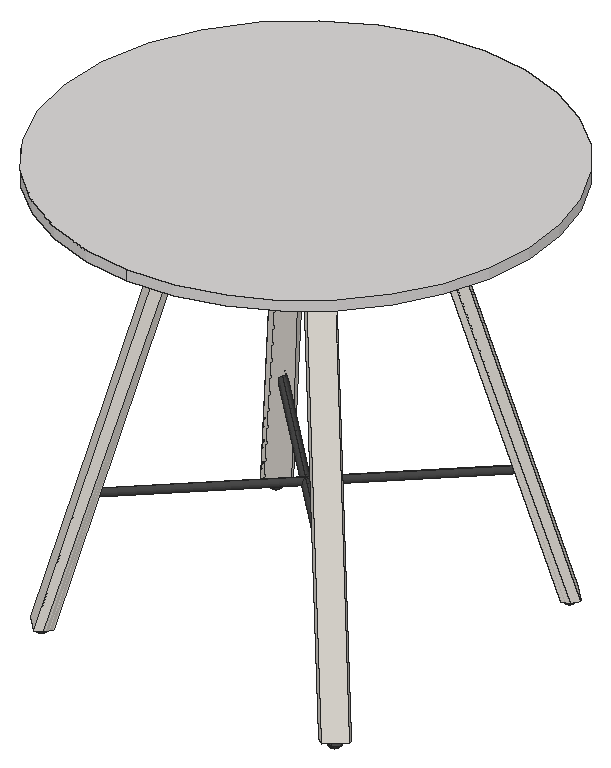
Revit family "Table-Teknion-NFTS_Wood_Table_Square-R2020", category Furniture, Revit 2020
Family settings
  OmniClass Number = 23.40.20.00
  OmniClass Title = General Furniture and Specialties
  Work Plane-Based = No
  Always vertical = Yes
  Cut with Voids When Loaded = No
  Shared = Yes
  Room Calculation Point = No
Parameters (values of type "42" Height")
  Wood Leg Finish = Laminate - Teknion - LW - Storm White
  Warranty = "http://www.teknion.com/ca/papers/legal-canada"
  Unit Weight URL = "http://www.teknion.com/ca/tools/assets#&asset=bee6a381-b954-425e-8283-5a2de3a804f2,f828d448-4b62-4231-9e5f-9a8991c0ed77"
  URL = "www.teknion.com"
  Top Finish = Laminate - Teknion - 2T -Crisp Grey
  To render please download texture images found here [instance] = "https://assets.teknion.com/web/5e81352c1dfdb467/revit-material-swatches/"
  Sustainability Data = "https://www.teknion.com/ca/tools/assets#&topic=216f99a5-57a0-44fc-b10a-9dee9b29ae4c&asset=444deb64-fe58-4b68-981e-f75e97781df7,b4ff2d81-9f2e-437d-9659-7cffb09c31cf"
  Series = "North 56"  # constant formula
  Product Page URL = "https://www.teknion.com/ca/products/product-details?productLineId=0ca9376f-8e7a-673b-a6c8-ff05004460c4"
  Product Line = "North 56"  # constant formula
  Product Documentation Link = ""
  Part Number = "NFTR"  # constant formula
  Model = "NFTR4246"
  Manufacturer Phone = "416-661-3370"  # constant formula
  Manufacturer Fax = "416.661.4586"  # constant formula
  Manufacturer Contact Information = "http://www.teknion.com/ca/contactus"
  Manufacturer Address = "1150 Flint Road, Toronto, ON. M3J 2J5. Canada"  # constant formula
  Manufacturer = "Teknion"  # constant formula
  Leg Support Height = 12.113"
  Leg Support = yes
  Leg Dis = 30.19371"
  How To Use Teknion Materials User Guide [instance] = "https://assets.teknion.com/m/205dd0a49fa58060/original/How-to-add-a-Material-Library-and-Texture-Images-to-your-Revit-project.pdf"
  Height = 42.000"
  For Additional Finishes please visit [instance] = "https://assets.teknion.com/m/44a8009b046e5d47/original/Teknion_Materials_Library.zip"
  Diagonal dis = Leg Dis * (cos(45.00°))  # 21.35018"
  Description = "Wood Table-Round, 42\" Height,46\" Size"
  Default Elevation = 0.000"
  Assembly Code = "E2020200"
Reference planes (in)
  plane 1 "Center Front/Back": y = 0
  plane 2: z = 0
  plane 3 "Center Left/Right": x = 0
  plane 4 "Left": x = -23
  plane 5 "Right": x = 23
  plane 6 "Back": y = 23
  plane 7 "Front": y = -23
  plane 8 "Top": z = 42
  plane 9: x = -15.09685
  plane 10: y = 15.09685
  plane 11: x = 15.09685
  plane 12: y = -15.09685
  plane 13: through (-15.09685, 0, 48) normal (0.7071, 0.7071, 0)
  plane 14: through (15.09685, 0, 48) normal (0.7071, -0.7071, 0)
  plane 15: through (0, 15.09685, 48) normal (0.7071, -0.7071, 0)
  plane 16: through (15.09685, 0, 48) normal (-0.7071, -0.7071, 0)
  plane 17: through (-20, 20, 48) normal (0.7071, 0.7071, 0)
  plane 18: through (20, 20, 48) normal (0.7071, -0.7071, 0)
Forms (in)
  Sweep 1, solid, material "Laminate - Teknion - 2T -Crisp Grey" <- "Top Finish"
    path origin (0, 0, 0) x (1, 0, 0) y (0, 0, 1)
      loop
        line (0, 42) -> (0, 41)
    profile origin (0, 0, 41.5) x (0, -1, 0) y (1, 0, 0)
      loop
        circle (0, 0) r 23
  Sweep 2, solid, material "Paint - Teknion - 52 - Ebony", visible <- "Leg Support"
    path origin (0, 0, 0) x (1, 0, 0) y (0, 1, 0)
      loop
        line (-12.82136, -12.82136) -> (12.82136, 12.82136)
    profile origin (0, 0, 0) x (-0.707107, 0.707107, 0) y (0, 0, 1)
      loop
        circle (0, 12.488) r 0.375
  Sweep 3, solid, material "Paint - Teknion - 52 - Ebony", visible <- "Leg Support"
    path origin (0, 0, 0) x (0, 1, 0) y (-1, 0, 0)
      loop
        line (-12.82136, -12.82136) -> (12.82136, 12.82136)
    profile origin (0, 0, 0) x (-0.707107, -0.707107, 0) y (0, 0, 1)
      loop
        circle (0, 12.488) r 0.375
  SweptBlend 4, solid, material "Laminate - Teknion - LW - Storm White" <- "Wood Leg Finish"
    path origin (-20, 20, 48) x (-0.707107, 0.707107, 0) y (0, 0, 1)
      loop
        line (-28.28427, -7) -> (-28.28427, -11.25)
    profile origin (0, 0, 41) x (0.707107, 0.707107, 0) y (-0.707107, 0.707107, 0)
      loop
        arc (-0.29671, -9.65881) -> (-0.00768, -9.77853) -> (0.28134, -9.65881) r 0.40874
        line (0.28134, -9.65881) -> (9.67487, -0.26527)
        arc (9.67487, -0.26527) -> (9.78794, 0.00768) -> (9.67487, 0.28064) r 0.38602
        line (9.67487, 0.28064) -> (0.30825, 9.64726)
        arc (0.30825, 9.64726) -> (-0.00032, 9.77508) -> (-0.30889, 9.64726) r 0.43638
        line (-0.30889, 9.64726) -> (-9.64011, 0.31604)
        arc (-9.64011, 0.31604) -> (-9.77089, 0.00032) -> (-9.64011, -0.3154) r 0.44649
        line (-9.64011, -0.3154) -> (-0.29671, -9.65881)
    end profile origin (0, 0, 36.75) x (0.707107, 0.707107, 0) y (-0.707107, 0.707107, 0)
      loop
        line (-0.00032, 11.067) -> (-11.067, 0.00032) -> (-0.00032, -11.06636) -> (11.06636, 0.00032) -> (-0.00032, 11.067)
  SweptBlend 5, void
    path origin (-20, 20, 48) x (-0.707107, 0.707107, 0) y (0, 0, 1)
      loop
        line (-28.28427, -7) -> (-28.28427, -11.25)
    profile origin (0, 0, 41) x (0.707107, 0.707107, 0) y (-0.707107, 0.707107, 0)
      loop
        line (-0.00032, 8.51905) -> (-8.51905, 0.00032) -> (-0.00032, -8.51841) -> (8.51841, 0.00032) -> (-0.00032, 8.51905)
    end profile origin (0, 0, 36.75) x (0.707107, 0.707107, 0) y (-0.707107, 0.707107, 0)
      loop
        line (9.78316, 0.00032) -> (0.00641, 9.77706) -> (-9.77033, 0.00032) -> (0.00641, -9.77643) -> (9.78316, 0.00032)
  SweptBlend 6, solid, material "Laminate - Teknion - LW - Storm White" <- "Wood Leg Finish"
    path origin (-20, 20, 48) x (-0.707107, 0.707107, 0) y (0, 0, 1)
      loop
        line (-28.30011, -7) -> (-28.30011, -47.33071)
    profile origin (0.0112, -0.0112, 41) x (0.707107, 0.707107, 0) y (-0.707107, 0.707107, 0)
      loop
        line (-1.13978, -9.79029) -> (1.13978, -9.79029) -> (1.27076, -8.64994) -> (0.738, -8.11718) -> (-0.738, -8.11718) -> (-1.27076, -8.64994) -> (-1.13978, -9.79029)
    end profile origin (0.0112, -0.0112, 0.66929) x (0.707107, 0.707107, 0) y (-0.707107, 0.707107, 0)
      loop
        line (1.29197, -21.28407) -> (1.13611, -20.44751) -> (-1.13611, -20.44751) -> (-1.29197, -21.28407) -> (-1.13611, -22.12062) -> (1.13611, -22.12062) -> (1.29197, -21.28407)
  SweptBlend 7, solid, material "Laminate - Teknion - LW - Storm White" <- "Wood Leg Finish"
    path origin (-20, -20, 48) x (-0.707107, -0.707107, 0) y (0, 0, -1)
      loop
        line (-28.28427, 7) -> (-28.28427, 47.33071)
    profile origin (0, 0, 41) x (0.707107, -0.707107, 0) y (0.707107, 0.707107, 0)
      loop
        line (-1.13978, 9.80612) -> (-1.27076, 8.66577) -> (-0.738, 8.13301) -> (0.738, 8.13301) -> (1.27076, 8.66577) -> (1.13978, 9.80612) -> (-1.13978, 9.80612)
    end profile origin (0, 0, 0.66929) x (0.707107, -0.707107, 0) y (0.707107, 0.707107, 0)
      loop
        line (1.29197, 21.2999) -> (1.13611, 22.13646) -> (-1.13611, 22.13646) -> (-1.29197, 21.2999) -> (-1.13611, 20.46335) -> (1.13611, 20.46335) -> (1.29197, 21.2999)
  SweptBlend 8, solid, material "Laminate - Teknion - LW - Storm White" <- "Wood Leg Finish"
    path origin (20, -20, 48) x (0.707107, -0.707107, 0) y (0, 0, 1)
      loop
        line (-28.28427, -7) -> (-28.28427, -47.33071)
    profile origin (0, 0, 41) x (-0.707107, -0.707107, 0) y (0.707107, -0.707107, 0)
      loop
        line (-1.13978, -9.80612) -> (1.13978, -9.80612) -> (1.27076, -8.66577) -> (0.738, -8.13301) -> (-0.738, -8.13301) -> (-1.27076, -8.66577) -> (-1.13978, -9.80612)
    end profile origin (0, 0, 0.66929) x (-0.707107, -0.707107, 0) y (0.707107, -0.707107, 0)
      loop
        line (1.29197, -21.2999) -> (1.13611, -20.46335) -> (-1.13611, -20.46335) -> (-1.29197, -21.2999) -> (-1.13611, -22.13646) -> (1.13611, -22.13646) -> (1.29197, -21.2999)
  SweptBlend 9, solid, material "Laminate - Teknion - LW - Storm White" <- "Wood Leg Finish"
    path origin (20, 20, 48) x (0.707107, 0.707107, 0) y (0, 0, -1)
      loop
        line (-28.28427, 7) -> (-28.28427, 47.33071)
    profile origin (0, 0, 41) x (-0.707107, 0.707107, 0) y (-0.707107, -0.707107, 0)
      loop
        line (-1.13978, 9.80612) -> (-1.27076, 8.66577) -> (-0.738, 8.13301) -> (0.738, 8.13301) -> (1.27076, 8.66577) -> (1.13978, 9.80612) -> (-1.13978, 9.80612)
    end profile origin (0, 0, 0.66929) x (-0.707107, 0.707107, 0) y (-0.707107, -0.707107, 0)
      loop
        line (1.29197, 21.2999) -> (1.13611, 22.13646) -> (-1.13611, 22.13646) -> (-1.29197, 21.2999) -> (-1.13611, 20.46335) -> (1.13611, 20.46335) -> (1.29197, 21.2999)
  Sweep 10, solid, material "Paint - Teknion - 52 - Ebony"
    path origin (0, 0, 0) x (0, 1, 0) y (0, 0, 1)
      loop
        line (4.03225, 40.85) -> (3.48225, 40.85) -> (3.48225, 39.45225)
        arc (3.48225, 39.45225) -> (3.46877, 39.40412) -> (3.43225, 39.37) r 0.09265
        line (3.43225, 39.37) -> (-3.43225, 39.37)
        arc (-3.43225, 39.37) -> (-3.46877, 39.40412) -> (-3.48225, 39.45225) r 0.09265
        line (-3.48225, 39.45225) -> (-3.48225, 40.85) -> (-4.03225, 40.85)
    profile origin (0, 0, 39.37) x (0, 0, -1) y (1, 0, 0)
      loop
        line (-0.05, -2.5) -> (0, -2.5) -> (0, 2.5) -> (-0.05, 2.5) -> (-0.05, -2.5)
  Sweep 11, solid, material "Paint - Teknion - 52 - Ebony"
    path origin (0, 0, 0) x (0, 1, 0) y (0, 0, 1)
      loop
        line (2.425, 39.575) -> (1.532, 39.575)
        arc (1.532, 39.575) -> (1.45634, 39.60634) -> (1.425, 39.682) r 0.107
        line (1.425, 39.682) -> (1.425, 40.925) -> (-1.425, 40.925) -> (-1.425, 39.682)
        arc (-1.425, 39.682) -> (-1.45634, 39.60634) -> (-1.532, 39.575) r 0.107
        line (-1.532, 39.575) -> (-2.425, 39.575)
    profile origin (0, -1.9785, 39.575) x (0, 0, -1) y (1, 0, 0)
      loop
        line (-0.075, -4.75) -> (0, -4.75) -> (0, -3.75) -> (-0.075, -3.75) -> (-0.075, -4.75)
      loop
        line (-0.075, 3.75) -> (0, 3.75) -> (0, 4.75) -> (-0.075, 4.75) -> (-0.075, 3.75)
  Revolve 12, solid, material "Paint - Teknion - 52 - Ebony"
    sketch origin (-15.09685, 15.09685, 48) x (0, 1, 0) y (0, 0, 1)
      loop
        line (-30.19371, -47.5) -> (-30.19371, -48) -> (-29.77941, -48) -> (-29.68765, -47.85) -> (-29.64273, -47.85) -> (-29.61037, -47.8) -> (-30.07402, -47.5) -> (-30.19371, -47.5)
      axis (-30.19371, -47.5) -> (-30.19371, -48)
    angle from 0 to 360
  Revolve 13, solid, material "Paint - Teknion - 52 - Ebony"
    sketch origin (15.09685, 15.09685, 48) x (0, 1, 0) y (0, 0, 1)
      loop
        line (0, -47.5) -> (0, -48) -> (0.4164, -48) -> (0.50816, -47.85) -> (0.55485, -47.85) -> (0.58544, -47.8) -> (0.12179, -47.5) -> (0, -47.5)
      axis (0, -47.5) -> (0, -48)
    angle from 0 to 360
  Revolve 14, solid, material "Paint - Teknion - 52 - Ebony"
    sketch origin (15.09685, 15.09685, 48) x (0, 1, 0) y (0, 0, 1)
      loop
        line (-30.19371, -47.5) -> (-30.19371, -48) -> (-29.77941, -48) -> (-29.68765, -47.85) -> (-29.64273, -47.85) -> (-29.61037, -47.8) -> (-30.07402, -47.5) -> (-30.19371, -47.5)
      axis (-30.19371, -47.5) -> (-30.19371, -48)
    angle from 0 to 360
  Revolve 15, solid, material "Paint - Teknion - 52 - Ebony"
    sketch origin (-15.09685, 15.09685, 48) x (0, 1, 0) y (0, 0, 1)
      loop
        line (0, -47.5) -> (0, -48) -> (0.4164, -48) -> (0.50816, -47.85) -> (0.55485, -47.85) -> (0.58544, -47.8) -> (0.12179, -47.5) -> (0, -47.5)
      axis (0, -47.5) -> (0, -48)
    angle from 0 to 360
  SweptBlend 16, solid, material "Paint - Teknion - 52 - Ebony"
    path origin (15.09685, 15.09685, 48) x (0, 1, 0) y (0, 0, 1)
      loop
        line (-0.08843, -46.62218) -> (0.11895, -47.58231)
    profile origin (15.09685, 15.00842, 1.37782) x (0, 0.977459, 0.211127) y (1, 0, 0)
      loop
        arc (-0.00028, -0.2752) -> (-0.00602, -0.10119) -> (-0.18011, -0.09942) r 0.12585
        arc (-0.18011, -0.09942) -> (-0.1746, -0.27365) -> (-0.00028, -0.2752) r 0.12584
    end profile origin (15.09685, 15.2158, 0.41769) x (0, 0.977459, 0.211127) y (1, 0, 0)
      loop
        arc (0, -0.06955) -> (-0.00588, 0.10524) -> (-0.18076, 0.10714) r 0.12651
        arc (-0.18076, 0.10714) -> (-0.18274, -0.0757) -> (0, -0.06955) r 0.12651
  SweptBlend 17, solid, material "Paint - Teknion - 52 - Ebony"
    path origin (-15.09685, 15.09685, 48) x (0, 1, 0) y (0, 0, 1)
      loop
        line (-30.18354, -47.61396) -> (-29.92129, -46.66255)
    profile origin (-15.09685, -15.08669, 0.38604) x (0, -0.964045, 0.265739) y (1, 0, 0)
      loop
        circle (0.03638, -0.01884) r 0.12277
    end profile origin (-15.09685, -14.82443, 1.33745) x (0, -0.964045, 0.265739) y (1, 0, 0)
      loop
        arc (0.00599, 0.09951) -> (0.1796, 0.10222) -> (0.17689, 0.27582) r 0.12277
        arc (0.17689, 0.27582) -> (0.00375, 0.27265) -> (0.00599, 0.09951) r 0.12278
  Revolve 18, solid, material "Paint - Teknion - 52 - Ebony"
    sketch origin (15.09685, 15.09685, 48) x (0, 1, 0) y (0, 0, 1)
      loop
        line (-30.33277, -47.56373) -> (-30.21397, -47.58885) -> (-30.00522, -46.61986) -> (-30.12321, -46.59435) -> (-30.33277, -47.56373)
      axis (-30.00521, -46.61977) -> (-30.21406, -47.58931)
    angle from 0 to 360
  Sweep 19, solid, material "Paint - Teknion - 52 - Ebony"
    path origin (-15.09685, 15.09685, 48) x (0, 1, 0) y (0, 0, 1)
      loop
        line (-0.15889, -46.59435) -> (0.05313, -47.60058)
    profile origin (-15.09685, 15.04397, 0.90253) x (0, 0.978515, 0.206174) y (1, 0, 0)
      loop
        spline (-0.15042, 0) -> (-0.14636, -0.03152) -> (-0.13446, -0.0609) -> (-0.11552, -0.08612) -> (-0.09084, -0.10547) -> (-0.06209, -0.11764) -> (-0.03125, -0.12179) -> (-0.0004, -0.11764) -> (0.02834, -0.10547) -> (0.05302, -0.08612) -> (0.07196, -0.0609) -> (0.08387, -0.03152) -> (0.08793, 0)
        spline (0.08793, 0) -> (0.08387, 0.03152) -> (0.07196, 0.0609) -> (0.05302, 0.08612) -> (0.02834, 0.10547) -> (-0.0004, 0.11764) -> (-0.03125, 0.12179) -> (-0.06209, 0.11764) -> (-0.09084, 0.10547) -> (-0.11552, 0.08612) -> (-0.13446, 0.0609) -> (-0.14636, 0.03152) -> (-0.15042, 0)
  Sweep 20, solid, material "Plastic - Teknion - E - Ebony"
    path origin (-20, 20, 48) x (-0.707107, 0.707107, 0) y (0, 0, 1)
      loop
        line (-29.38763, -7) -> (-29.38763, -7.76234)
    profile origin (0.78019, -0.78019, 40.61883) x (0.707107, 0.707107, 0) y (-0.707107, 0.707107, 0)
      loop
        line (22.10875, 2.99312) -> (19.70704, 2.99312)
        arc (19.70704, 2.99312) -> (19.3591, 2.849) -> (19.21498, 2.50106) r 0.49206
        line (19.21498, 2.50106) -> (19.21498, -0.29436)
        arc (19.21498, -0.29436) -> (19.3591, -0.64229) -> (19.70703, -0.78641) r 0.49205
        line (19.70703, -0.78641) -> (22.29546, -0.78641)
        arc (22.29546, -0.78641) -> (22.51137, -0.69697) -> (22.6008, -0.48106) r 0.30535
        line (22.6008, -0.48106) -> (22.6008, 2.50106)
        arc (22.6008, 2.50106) -> (22.45668, 2.849) -> (22.10875, 2.99312) r 0.49205
      loop
        arc (-22.10875, 2.99312) -> (-22.45668, 2.849) -> (-22.6008, 2.50106) r 0.49205
        line (-22.6008, 2.50106) -> (-22.6008, -0.29439)
        arc (-22.6008, -0.29439) -> (-22.45669, -0.6423) -> (-22.10878, -0.78641) r 0.49202
        line (-22.10878, -0.78641) -> (-19.70703, -0.78641)
        arc (-19.70703, -0.78641) -> (-19.3591, -0.64229) -> (-19.21498, -0.29436) r 0.49205
        line (-19.21498, -0.29436) -> (-19.21498, 2.50106)
        arc (-19.21498, 2.50106) -> (-19.3591, 2.849) -> (-19.70704, 2.99312) r 0.49206
        line (-19.70704, 2.99312) -> (-22.10875, 2.99312)
Cuts and joins
  SweptBlend 5 cuts SweptBlend 4
Lines and regions (in)
  Masking region 1
    outline origin (0, 0, 0) x (1, 0, 0) y (0, 1, 0)
      loop
        circle (0, 0) r 23
  symbolic lines, style "FurnitureHiddenLines", detail levels medium+fine
    curve 1: line (-4.75, 2.425, 0) -> (-3.75, 2.425, 0)
    curve 2: line (-4.75, -2.425, 0) -> (-4.75, 2.425, 0)
    curve 3: line (-3.75, -2.425, 0) -> (-4.75, -2.425, 0)
    curve 4: line (-3.75, 2.425, 0) -> (-3.75, -2.425, 0)
    curve 5: line (-3.75, 1.5, 0) -> (-4.75, 1.5, 0)
    curve 6: line (-4.75, 1.425, 0) -> (-3.75, 1.425, 0)
    curve 7: line (-4.75, -1.5, 0) -> (-3.75, -1.5, 0)
    curve 8: line (-3.75, -1.425, 0) -> (-4.75, -1.425, 0)
    curve 9: line (3.75, 2.425, 0) -> (3.75, -2.425, 0)
    curve 10: line (4.75, -2.425, 0) -> (4.75, 2.425, 0)
    curve 11: line (3.75, 2.425, 0) -> (4.75, 2.425, 0)
    curve 12: line (3.75, -2.425, 0) -> (4.75, -2.425, 0)
    curve 13: line (4.75, 1.5, 0) -> (3.75, 1.5, 0)
    curve 14: line (3.75, 1.425, 0) -> (4.75, 1.425, 0)
    curve 15: line (4.75, -1.425, 0) -> (3.75, -1.425, 0)
    curve 16: line (3.75, -1.5, 0) -> (4.75, -1.5, 0)
    curve 17: line (-2.5, 4.03225, 0) -> (2.5, 4.03225, 0)
    curve 18: line (-2.5, 4.03225, 0) -> (-2.5, -4.03225, 0)
    curve 19: line (-2.5, -4.03225, 0) -> (2.5, -4.03225, 0)
    curve 20: line (2.5, 4.03225, 0) -> (2.5, -4.03225, 0)
    curve 21: line (-2.5, 3.43225, 0) -> (2.5, 3.43225, 0)
    curve 22: line (2.5, 3.48225, 0) -> (-2.5, 3.48225, 0)
    curve 23: line (-2.5, 3.41751, 0) -> (2.5, 3.41751, 0)
    curve 24: line (-2.5, -3.41751, 0) -> (2.5, -3.41751, 0)
    curve 25: line (-2.5, -3.48225, 0) -> (2.5, -3.48225, 0)
    curve 26: line (2.5, -3.43225, 0) -> (-2.5, -3.43225, 0)
    curve 27: line (-6.0241, -6.02365, 0) -> (-6.0241, 6.02365, 0)
    curve 28: line (-6.0241, 6.02365, 0) -> (6.0232, 6.02365, 0)
    curve 29: line (6.0232, 6.02365, 0) -> (6.0232, -6.02365, 0)
    curve 30: line (6.0232, -6.02365, 0) -> (-6.0241, -6.02365, 0)
    curve 31: line (-7.82578, 7.82533, 0) -> (7.82488, 7.82533, 0)
    curve 32: line (-7.82578, -7.82533, 0) -> (-7.82578, 7.82533, 0)
    curve 33: line (7.82488, -7.82533, 0) -> (-7.82578, -7.82533, 0)
    curve 34: line (7.82488, 7.82533, 0) -> (7.82488, -7.82533, 0)
    curve 35: line (-6.90889, 6.91796, 0) -> (6.91751, 6.91796, 0)
    curve 36: line (-6.90889, -6.90844, 0) -> (-6.90889, 6.91796, 0)
    curve 37: line (6.91751, -6.90844, 0) -> (-6.90889, -6.90844, 0)
    curve 38: line (6.91751, 6.91796, 0) -> (6.91751, -6.90844, 0)
    curve 39: line (-7.04006, 6.60323, 0) -> (-7.04006, -6.59312, 0)
    curve 40: line (-6.59357, -7.03961, 0) -> (6.62001, -7.03961, 0)
    curve 41: arc (-7.04006, -6.59312, 0) -> (-6.90929, -6.90884, 0) -> (-6.59357, -7.03961, 0) r 0.44649
    curve 42: line (7.02874, -6.63087, 0) -> (7.02874, 6.65359, 0)
    curve 43: arc (6.62001, -7.03961, 0) -> (6.90903, -6.91989, 0) -> (7.02874, -6.63087, 0) r 0.40874
    curve 44: line (6.64272, 7.03961, 0) -> (-6.60368, 7.03961, 0)
    curve 45: arc (7.02874, 6.65359, 0) -> (6.91568, 6.92655, 0) -> (6.64272, 7.03961, 0) r 0.38602
    curve 46: arc (-6.60368, 7.03961, 0) -> (-6.91225, 6.9118, 0) -> (-7.04006, 6.60323, 0) r 0.43638
    curve 183: line (-15.27125, -12.59872, 0) -> (-16.96951, -14.29698, 0)
    curve 184: arc (-16.96951, -14.29698, 0) -> (-17.11363, -14.64492, 0) -> (-16.96951, -14.99285, 0) r 0.49205
    curve 185: line (-16.96951, -14.99285, 0) -> (-14.99283, -16.96953, 0)
    curve 186: arc (-14.99283, -16.96953, 0) -> (-14.64492, -17.11364, 0) -> (-14.29701, -16.96953, 0) r 0.49202
    curve 187: line (-14.29701, -16.96953, 0) -> (-12.59871, -15.27124, 0)
    curve 188: arc (-12.59871, -15.27124, 0) -> (-12.45459, -14.92331, 0) -> (-12.59871, -14.57537, 0) r 0.49205
    curve 189: line (-12.59871, -14.57537, 0) -> (-14.57536, -12.59872, 0)
    curve 190: arc (-14.57536, -12.59872, 0) -> (-14.92331, -12.4546, 0) -> (-15.27125, -12.59872, 0) r 0.49206
    curve 191: line (14.29698, 16.96951, 0) -> (12.59872, 15.27125, 0)
    curve 192: arc (14.99285, 16.96951, 0) -> (14.64492, 17.11363, 0) -> (14.29698, 16.96951, 0) r 0.49205
    curve 193: line (17.10153, 14.86083, 0) -> (14.99285, 16.96951, 0)
    curve 194: arc (12.59872, 15.27125, 0) -> (12.4546, 14.92331, 0) -> (12.59872, 14.57536, 0) r 0.49206
    curve 195: line (12.59872, 14.57536, 0) -> (14.57537, 12.59871, 0)
    curve 196: arc (14.57537, 12.59871, 0) -> (14.92331, 12.45459, 0) -> (15.27124, 12.59871, 0) r 0.49205
    curve 197: line (15.27124, 12.59871, 0) -> (17.10153, 14.42901, 0)
    curve 198: arc (17.10153, 14.42901, 0) -> (17.19097, 14.64492, 0) -> (17.10153, 14.86083, 0) r 0.30535
  symbolic lines, style "FurnitureHiddenLines", visible <- "Leg Support", detail levels fine
    curve 47: line (-12.55619, 13.08652, 0) -> (13.08652, -12.55619, 0)
    curve 48: line (-13.08652, 12.55619, 0) -> (12.55619, -13.08652, 0)
    curve 49: line (13.08652, 12.55619, 0) -> (-12.55619, -13.08652, 0)
    curve 50: line (-13.08652, -12.55619, 0) -> (12.55619, 13.08652, 0)
    curve 175: line (-12.55619, -13.08652, 0) -> (-13.08652, -12.55619, 0)
    curve 176: line (-12.55619, 13.08652, 0) -> (-13.08652, 12.55619, 0)
    curve 177: line (13.08652, 12.55619, 0) -> (12.55619, 13.08652, 0)
    curve 178: line (13.08652, -12.55619, 0) -> (12.55619, -13.08652, 0)
  symbolic lines, style "FurnitureHiddenLines", detail levels fine
    curve 51: line (-15.27347, -13.66607, 0) -> (-13.66607, -15.27347, 0)
    curve 52: line (-14.84949, -16.45619, 0) -> (-16.45619, -14.84949, 0)
    curve 53: line (-14.84949, -16.45619, 0) -> (-6.12803, -7.73992, 0)
    curve 54: line (-7.73992, -6.12803, 0) -> (-16.45619, -14.84949, 0)
    curve 55: line (-15.97487, -14.14775, 0) -> (-7.02619, -5.22906, 0)
    curve 56: line (-14.14775, -15.97487, 0) -> (-5.22906, -7.02619, 0)
    curve 57: line (-13.66642, -15.27312, 0) -> (-5.22906, -6.27275, 0)
    curve 58: line (-15.27312, -13.66642, 0) -> (-6.27275, -5.22906, 0)
    curve 59: line (-7.73992, -6.12803, 0) -> (-6.12803, -7.73992, 0)
    curve 60: line (-5.22906, -6.27275, 0) -> (-6.27275, -5.22906, 0)
    curve 61: line (-5.22906, -7.02619, 0) -> (-5.22906, -6.27275, 0)
    curve 62: line (-6.27275, -5.22906, 0) -> (-7.02619, -5.22906, 0)
    curve 63: line (-7.02619, -5.22906, 0) -> (-7.73992, -6.12803, 0)
    curve 64: line (-6.12803, -7.73992, 0) -> (-5.22906, -7.02619, 0)
    curve 65: spline (-14.99735, -14.83021, 0) -> (-15.01646, -14.85501, 0) -> (-15.02826, -14.88374, 0) -> (-15.03195, -14.91443, 0) -> (-15.02727, -14.945, 0) -> (-15.01454, -14.97336, 0) -> (-14.99464, -14.99757, 0) -> (-14.96891, -15.016, 0) -> (-14.93911, -15.02737, 0) -> (-14.90727, -15.03093, 0) -> (-14.87557, -15.02642, 0) -> (-14.84615, -15.01415, 0) -> (-14.82103, -14.99496, 0)
    curve 66: spline (-14.82103, -14.99496, 0) -> (-14.80211, -14.97015, 0) -> (-14.79047, -14.94148, 0) -> (-14.7869, -14.91088, 0) -> (-14.79163, -14.88042, 0) -> (-14.80435, -14.85218, 0) -> (-14.8242, -14.82805, 0) -> (-14.84983, -14.80968, 0) -> (-14.87951, -14.7983, 0) -> (-14.91124, -14.79469, 0) -> (-14.94285, -14.79909, 0) -> (-14.97222, -14.8112, 0) -> (-14.99735, -14.83021, 0)
    curve 67: line (-15.20409, -15.03961, 0) -> (-14.99735, -14.83021, 0)
    curve 68: line (-14.82103, -14.99496, 0) -> (-15.02731, -15.2039, 0)
    curve 69: spline (-15.02731, -15.2039, 0) -> (-15.05238, -15.22301, 0) -> (-15.08173, -15.23523, 0) -> (-15.11335, -15.23974, 0) -> (-15.1451, -15.23622, 0) -> (-15.17484, -15.22492, 0) -> (-15.20054, -15.2066, 0) -> (-15.22047, -15.18251, 0) -> (-15.23327, -15.15427, 0) -> (-15.23808, -15.12381, 0) -> (-15.23457, -15.09318, 0) -> (-15.22297, -15.06447, 0) -> (-15.20409, -15.03961, 0)
    curve 70: spline (-15.20409, -15.03961, 0) -> (-15.17903, -15.02021, 0) -> (-15.14961, -15.00774, 0) -> (-15.11784, -15.00305, 0) -> (-15.0859, -15.00648, 0) -> (-15.05598, -15.01778, 0) -> (-15.03012, -15.03618, 0) -> (-15.0101, -15.06042, 0) -> (-14.99729, -15.08883, 0) -> (-14.99257, -15.11948, 0) -> (-14.99626, -15.15026, 0) -> (-15.00811, -15.17906, 0) -> (-15.02731, -15.2039, 0)
    curve 71: arc (-15.09685, -15.21655, 0) -> (-15.21655, -15.09685, 0) -> (-15.09685, -14.97716, 0) r 0.11969
    curve 72: arc (-15.09685, -14.97716, 0) -> (-14.97716, -15.09685, 0) -> (-15.09685, -15.21655, 0) r 0.11969
    curve 73: arc (-15.09685, -14.68256, 0) -> (-14.68256, -15.09685, 0) -> (-15.09685, -15.51115, 0) r 0.4143
    curve 74: arc (-15.09685, -15.51115, 0) -> (-15.51115, -15.09685, 0) -> (-15.09685, -14.68256, 0) r 0.4143
    curve 75: arc (-15.09685, -15.60292, 0) -> (-15.60292, -15.09685, 0) -> (-15.09685, -14.59079, 0) r 0.50606
    curve 76: arc (-15.09685, -14.59079, 0) -> (-14.59079, -15.09685, 0) -> (-15.09685, -15.60292, 0) r 0.50606
    curve 77: arc (-15.09685, -14.54587, 0) -> (-14.54587, -15.09685, 0) -> (-15.09685, -15.64784, 0) r 0.55098
    curve 78: arc (-15.09685, -15.64784, 0) -> (-15.64784, -15.09685, 0) -> (-15.09685, -14.54587, 0) r 0.55098
    curve 79: arc (-15.09685, -15.68019, 0) -> (-15.68019, -15.09685, 0) -> (-15.09685, -14.51352, 0) r 0.58334
    curve 80: arc (-15.09685, -14.51352, 0) -> (-14.51352, -15.09685, 0) -> (-15.09685, -15.68019, 0) r 0.58334
    curve 81: spline (15.09685, -14.79035, 0) -> (15.1281, -14.79437, 0) -> (15.15721, -14.80616, 0) -> (15.18221, -14.82491, 0) -> (15.20139, -14.84935, 0) -> (15.21345, -14.87781, 0) -> (15.21757, -14.90835, 0) -> (15.21345, -14.93889, 0) -> (15.20139, -14.96735, 0) -> (15.18221, -14.99179, 0) -> (15.15721, -15.01055, 0) -> (15.1281, -15.02233, 0) -> (15.09685, -15.02636, 0)
    curve 82: spline (15.09685, -15.02636, 0) -> (15.06561, -15.02233, 0) -> (15.0365, -15.01055, 0) -> (15.0115, -14.99179, 0) -> (14.99231, -14.96735, 0) -> (14.98026, -14.93889, 0) -> (14.97614, -14.90835, 0) -> (14.98026, -14.87781, 0) -> (14.99231, -14.84935, 0) -> (15.0115, -14.82491, 0) -> (15.0365, -14.80616, 0) -> (15.06561, -14.79437, 0) -> (15.09685, -14.79035, 0)
    curve 83: arc (15.09685, -15.21655, 0) -> (14.97716, -15.09685, 0) -> (15.09685, -14.97716, 0) r 0.11969
    curve 84: arc (15.09685, -14.97716, 0) -> (15.21655, -15.09685, 0) -> (15.09685, -15.21655, 0) r 0.11969
    curve 85: arc (15.09685, -14.68256, 0) -> (15.51115, -15.09685, 0) -> (15.09685, -15.51115, 0) r 0.4143
    curve 86: arc (15.09685, -15.51115, 0) -> (14.68256, -15.09685, 0) -> (15.09685, -14.68256, 0) r 0.4143
    curve 87: arc (15.09685, -15.60292, 0) -> (14.59079, -15.09685, 0) -> (15.09685, -14.59079, 0) r 0.50606
    curve 88: arc (15.09685, -14.59079, 0) -> (15.60292, -15.09685, 0) -> (15.09685, -15.60292, 0) r 0.50606
    curve 89: arc (15.09685, -14.54587, 0) -> (15.64784, -15.09685, 0) -> (15.09685, -15.64784, 0) r 0.55098
    curve 90: arc (15.09685, -14.51352, 0) -> (15.68019, -15.09685, 0) -> (15.09685, -15.68019, 0) r 0.58334
    curve 91: arc (15.09685, -15.64784, 0) -> (14.54587, -15.09685, 0) -> (15.09685, -14.54587, 0) r 0.55098
    curve 92: arc (15.09685, -15.68019, 0) -> (14.51352, -15.09685, 0) -> (15.09685, -14.51352, 0) r 0.58334
    curve 93: line (16.45619, -14.84949, 0) -> (14.84949, -16.45619, 0)
    curve 94: line (6.12803, -7.73992, 0) -> (14.84949, -16.45619, 0)
    curve 95: line (16.45619, -14.84949, 0) -> (7.73992, -6.12803, 0)
    curve 96: line (13.66642, -15.27312, 0) -> (15.27312, -13.66642, 0)
    curve 97: line (14.14775, -15.97487, 0) -> (13.66642, -15.27312, 0)
    curve 98: line (14.84949, -16.45619, 0) -> (14.14775, -15.97487, 0)
    curve 99: line (15.27312, -13.66642, 0) -> (15.97487, -14.14775, 0)
    curve 100: line (15.97487, -14.14775, 0) -> (16.45619, -14.84949, 0)
    curve 101: line (6.27275, -5.22906, 0) -> (15.27312, -13.66642, 0)
    curve 102: line (7.02619, -5.22906, 0) -> (15.97487, -14.14775, 0)
    curve 103: line (5.22906, -6.27275, 0) -> (13.66642, -15.27312, 0)
    curve 104: line (5.22906, -7.02619, 0) -> (14.14775, -15.97487, 0)
    curve 105: line (5.22906, -7.02619, 0) -> (6.12803, -7.73992, 0)
    curve 106: line (6.12803, -7.73992, 0) -> (7.73992, -6.12803, 0)
    curve 107: line (7.73992, -6.12803, 0) -> (7.02619, -5.22906, 0)
    curve 108: line (7.02619, -5.22906, 0) -> (6.27275, -5.22906, 0)
    curve 109: line (5.22906, -6.27275, 0) -> (5.22906, -7.02619, 0)
    curve 110: line (6.27275, -5.22906, 0) -> (5.22906, -6.27275, 0)
    curve 111: line (14.84949, 16.45619, 0) -> (16.45619, 14.84949, 0)
    curve 112: line (15.27347, 13.66607, 0) -> (13.66607, 15.27347, 0)
    curve 113: line (14.84949, 16.45619, 0) -> (6.12803, 7.73992, 0)
    curve 114: line (7.73992, 6.12803, 0) -> (16.45619, 14.84949, 0)
    curve 115: line (15.97487, 14.14775, 0) -> (15.27312, 13.66642, 0)
    curve 116: line (16.45619, 14.84949, 0) -> (15.97487, 14.14775, 0)
    curve 117: line (13.66642, 15.27312, 0) -> (14.14775, 15.97487, 0)
    curve 118: line (14.14775, 15.97487, 0) -> (14.84949, 16.45619, 0)
    curve 119: line (14.14775, 15.97487, 0) -> (5.22906, 7.02619, 0)
    curve 120: line (13.66642, 15.27312, 0) -> (5.22906, 6.27275, 0)
    curve 121: line (15.27312, 13.66642, 0) -> (6.27275, 5.22906, 0)
    curve 122: line (7.73992, 6.12803, 0) -> (6.12803, 7.73992, 0)
    curve 123: line (6.12803, 7.73992, 0) -> (5.22906, 7.02619, 0)
    curve 124: line (5.22906, 7.02619, 0) -> (5.22906, 6.27275, 0)
    curve 125: line (5.22906, 6.27275, 0) -> (6.27275, 5.22906, 0)
    curve 126: line (6.27275, 5.22906, 0) -> (7.02619, 5.22906, 0)
    curve 127: line (7.02619, 5.22906, 0) -> (7.73992, 6.12803, 0)
    curve 128: line (15.97487, 14.14775, 0) -> (7.02619, 5.22906, 0)
    curve 129: arc (15.09685, 15.51325, 0) -> (15.51325, 15.09685, 0) -> (15.09685, 14.68046, 0) r 0.4164
    curve 130: arc (15.09685, 14.68046, 0) -> (14.68046, 15.09685, 0) -> (15.09685, 15.51325, 0) r 0.4164
    curve 131: arc (15.09685, 15.60501, 0) -> (15.60501, 15.09685, 0) -> (15.09685, 14.58869, 0) r 0.50816
    curve 132: arc (15.09685, 15.6517, 0) -> (15.6517, 15.09685, 0) -> (15.09685, 14.54201, 0) r 0.55485
    curve 133: arc (15.09685, 15.68229, 0) -> (15.68229, 15.09685, 0) -> (15.09685, 14.51142, 0) r 0.58544
    curve 134: arc (15.09685, 14.51142, 0) -> (14.51142, 15.09685, 0) -> (15.09685, 15.68229, 0) r 0.58544
    curve 135: arc (15.09685, 14.54201, 0) -> (14.54201, 15.09685, 0) -> (15.09685, 15.6517, 0) r 0.55485
    curve 136: arc (15.09685, 14.58869, 0) -> (14.58869, 15.09685, 0) -> (15.09685, 15.60501, 0) r 0.50816
    curve 137: spline (14.82166, 15.00814, 0) -> (14.80283, 14.98284, 0) -> (14.79115, 14.95371, 0) -> (14.78736, 14.92265, 0) -> (14.79171, 14.89165, 0) -> (14.80392, 14.86273, 0) -> (14.8232, 14.83776, 0) -> (14.8483, 14.81835, 0) -> (14.8776, 14.80576, 0) -> (14.90921, 14.8008, 0) -> (14.94107, 14.80379, 0) -> (14.97112, 14.81455, 0) -> (14.99743, 14.83237, 0)
    curve 138: spline (14.99743, 14.83237, 0) -> (15.01617, 14.85767, 0) -> (15.02778, 14.88678, 0) -> (15.03151, 14.9178, 0) -> (15.02713, 14.94874, 0) -> (15.01492, 14.97761, 0) -> (14.99567, 15.00254, 0) -> (14.97061, 15.02192, 0) -> (14.94136, 15.03451, 0) -> (14.90981, 15.0395, 0) -> (14.878, 15.03655, 0) -> (14.84797, 15.02587, 0) -> (14.82166, 15.00814, 0)
    curve 139: line (14.82166, 15.00814, 0) -> (15.02731, 15.2158, 0)
    curve 140: line (15.20421, 15.03934, 0) -> (14.99743, 14.83237, 0)
    curve 141: arc (15.09685, 14.97506, 0) -> (14.97506, 15.09685, 0) -> (15.09685, 15.21865, 0) r 0.12179
    curve 142: arc (15.09685, 15.21865, 0) -> (15.21865, 15.09685, 0) -> (15.09685, 14.97506, 0) r 0.12179
    curve 143: spline (15.20399, 15.03912, 0) -> (15.17767, 15.01815, 0) -> (15.14659, 15.00478, 0) -> (15.113, 14.99997, 0) -> (15.0793, 15.00407, 0) -> (15.04794, 15.01678, 0) -> (15.02116, 15.03718, 0) -> (15.0009, 15.06382, 0) -> (14.98861, 15.09476, 0) -> (14.98519, 15.12778, 0) -> (14.99088, 15.1605, 0) -> (15.00526, 15.19056, 0) -> (15.02731, 15.2158, 0)
    curve 144: spline (15.02731, 15.2158, 0) -> (15.05376, 15.23358, 0) -> (15.08393, 15.24427, 0) -> (15.11588, 15.24721, 0) -> (15.14756, 15.24218, 0) -> (15.17693, 15.22953, 0) -> (15.2021, 15.21005, 0) -> (15.22144, 15.18502, 0) -> (15.23371, 15.15603, 0) -> (15.23813, 15.12496, 0) -> (15.2344, 15.0938, 0) -> (15.22277, 15.06456, 0) -> (15.20399, 15.03912, 0)
    curve 145: line (-16.45619, 14.84949, 0) -> (-14.84949, 16.45619, 0)
    curve 146: line (-13.66607, 15.27347, 0) -> (-15.27347, 13.66607, 0)
    curve 147: line (-16.45619, 14.84949, 0) -> (-7.73992, 6.12803, 0)
    curve 148: line (-6.12803, 7.73992, 0) -> (-14.84949, 16.45619, 0)
    curve 149: line (-15.97487, 14.14775, 0) -> (-16.45619, 14.84949, 0)
    curve 150: line (-15.27312, 13.66642, 0) -> (-15.97487, 14.14775, 0)
    curve 151: line (-14.84949, 16.45619, 0) -> (-14.14775, 15.97487, 0)
    curve 152: line (-14.14775, 15.97487, 0) -> (-13.66642, 15.27312, 0)
    curve 153: line (-5.22906, 7.02619, 0) -> (-14.14775, 15.97487, 0)
    curve 154: line (-7.02619, 5.22906, 0) -> (-15.97487, 14.14775, 0)
    curve 155: line (-6.27275, 5.22906, 0) -> (-15.27312, 13.66642, 0)
    curve 156: line (-5.22906, 6.27275, 0) -> (-13.66642, 15.27312, 0)
    curve 157: line (-6.12803, 7.73992, 0) -> (-7.73992, 6.12803, 0)
    curve 158: line (-7.73992, 6.12803, 0) -> (-7.02619, 5.22906, 0)
    curve 159: line (-6.27275, 5.22906, 0) -> (-5.22906, 6.27275, 0)
    curve 160: line (-7.02619, 5.22906, 0) -> (-6.27275, 5.22906, 0)
    curve 161: line (-5.22906, 6.27275, 0) -> (-5.22906, 7.02619, 0)
    curve 162: line (-5.22906, 7.02619, 0) -> (-6.12803, 7.73992, 0)
    curve 163: spline (-15.09685, 14.79078, 0) -> (-15.06533, 14.79475, 0) -> (-15.03596, 14.8064, 0) -> (-15.01074, 14.82493, 0) -> (-14.99138, 14.84908, 0) -> (-14.97921, 14.87721, 0) -> (-14.97506, 14.90739, 0) -> (-14.97921, 14.93757, 0) -> (-14.99138, 14.9657, 0) -> (-15.01074, 14.98985, 0) -> (-15.03596, 15.00838, 0) -> (-15.06533, 15.02003, 0) -> (-15.09685, 15.024, 0)
    curve 164: spline (-15.09685, 15.024, 0) -> (-15.12838, 15.02003, 0) -> (-15.15775, 15.00838, 0) -> (-15.18297, 14.98985, 0) -> (-15.20233, 14.9657, 0) -> (-15.2145, 14.93757, 0) -> (-15.21865, 14.90739, 0) -> (-15.2145, 14.87721, 0) -> (-15.20233, 14.84908, 0) -> (-15.18297, 14.82493, 0) -> (-15.15775, 14.8064, 0) -> (-15.12838, 14.79475, 0) -> (-15.09685, 14.79078, 0)
    curve 165: arc (-15.09685, 14.97506, 0) -> (-15.21865, 15.09685, 0) -> (-15.09685, 15.21865, 0) r 0.12179
    curve 166: arc (-15.09685, 15.21865, 0) -> (-14.97506, 15.09685, 0) -> (-15.09685, 14.97506, 0) r 0.12179
    curve 167: arc (-15.09685, 14.51142, 0) -> (-15.68229, 15.09685, 0) -> (-15.09685, 15.68229, 0) r 0.58544
    curve 168: arc (-15.09685, 14.54201, 0) -> (-15.6517, 15.09685, 0) -> (-15.09685, 15.6517, 0) r 0.55485
    curve 169: arc (-15.09685, 14.58869, 0) -> (-15.60501, 15.09685, 0) -> (-15.09685, 15.60501, 0) r 0.50816
    curve 170: arc (-15.09685, 14.68046, 0) -> (-15.51325, 15.09685, 0) -> (-15.09685, 15.51325, 0) r 0.4164
    curve 171: arc (-15.09685, 15.51325, 0) -> (-14.68046, 15.09685, 0) -> (-15.09685, 14.68046, 0) r 0.4164
    curve 172: arc (-15.09685, 15.60501, 0) -> (-14.58869, 15.09685, 0) -> (-15.09685, 14.58869, 0) r 0.50816
    curve 173: arc (-15.09685, 15.6517, 0) -> (-14.54201, 15.09685, 0) -> (-15.09685, 14.54201, 0) r 0.55485
    curve 174: arc (-15.09685, 15.68229, 0) -> (-14.51142, 15.09685, 0) -> (-15.09685, 14.51142, 0) r 0.58544
    curve 179: line (-16.45619, -14.84949, 0) -> (-15.97487, -14.14775, 0)
    curve 180: line (-15.97487, -14.14775, 0) -> (-15.27312, -13.66642, 0)
    curve 181: line (-14.14775, -15.97487, 0) -> (-14.84949, -16.45619, 0)
    curve 182: line (-13.66642, -15.27312, 0) -> (-14.14775, -15.97487, 0)
Dimensions and locks (in)
  locked: plane 4 "Left" to plane 5 "Right" at 46
  locked: plane 6 "Back" to plane 7 "Front" at 46
  "Height": plane 8 "Top" to level
  equal spacing: plane 6 "Back", plane 1 "Center Front/Back", plane 7 "Front"
  equal spacing: plane 4 "Left", plane 3 "Center Left/Right", plane 5 "Right"
  locked: Sweep 1 sketch curve to Sweep 1 sketch curve at 1
  locked: SweptBlend 4 sketch curve to SweptBlend 4 sketch curve at 4.25
  locked: SweptBlend 5 sketch curve to SweptBlend 5 sketch curve at 4.25
  locked: SweptBlend 6 sketch curve to plane 2 at 0.66929
  locked: SweptBlend 9 sketch curve to plane 2 at 0.66929
  equal spacing: plane 9, plane 3 "Center Left/Right", plane 11
  "Leg Dis": plane 9 to plane 11
  equal spacing: plane 10, plane 1 "Center Front/Back", plane 12
  "Leg Dis": plane 10 to plane 12
  locked: SweptBlend 8 sketch curve to plane 2 at 0.66929
  "Diagonal dis": plane 16 to plane 13
  "Diagonal dis": plane 14 to plane 15
  equal spacing: plane 16, plane 17, plane 13
  equal spacing: plane 14, plane 18, plane 15
  SweptBlend 6 sketch curve to SweptBlend 6 sketch curve to SweptBlend 6 sketch curve to plane 17 to SweptBlend 6 sketch curve to SweptBlend 6 sketch curve to SweptBlend 6 sketch curve = 0.13098" locked, 0.40178" locked, 0.738" locked, 0.738" locked, 0.40178" locked, 0.13098" locked
  SweptBlend 6 sketch curve to SweptBlend 6 sketch curve to SweptBlend 6 sketch curve to plane 17 to SweptBlend 6 sketch curve to SweptBlend 6 sketch curve to SweptBlend 6 sketch curve = 0.15586" locked, 0.000" locked, 1.13611" locked, 1.13611" locked, 0.000" locked, 0.15586" locked
  SweptBlend 4 sketch curve to plane 3 "Center Left/Right" to SweptBlend 4 sketch curve = 7.82578" locked, 7.82488" locked
  SweptBlend 4 sketch curve to plane 1 "Center Front/Back" to SweptBlend 4 sketch curve = 7.82533" locked, 7.82533" locked
  SweptBlend 4 sketch curve to plane 3 "Center Left/Right" to SweptBlend 4 sketch curve = 7.04006" locked, 7.02874" locked
  SweptBlend 4 sketch curve to plane 1 "Center Front/Back" to SweptBlend 4 sketch curve = 7.03961" locked, 7.03961" locked
  SweptBlend 5 sketch curve to plane 3 "Center Left/Right" to SweptBlend 5 sketch curve = 6.90889" locked, 6.91751" locked
  SweptBlend 5 sketch curve to plane 1 "Center Front/Back" to SweptBlend 5 sketch curve = 6.91796" locked, 6.90844" locked
  SweptBlend 5 sketch curve to plane 3 "Center Left/Right" to SweptBlend 5 sketch curve = 6.0241" locked, 6.0232" locked
  SweptBlend 5 sketch curve to plane 1 "Center Front/Back" to SweptBlend 5 sketch curve = 6.02365" locked, 6.02365" locked
  SweptBlend 6 sketch curve to SweptBlend 6 sketch curve to SweptBlend 6 sketch curve to cut or joined group of SweptBlend 4, SweptBlend 5 = 0.75343" locked, 0.71374" locked, 0.0854" locked
  SweptBlend 6 sketch curve to SweptBlend 6 sketch curve to SweptBlend 6 sketch curve to cut or joined group of SweptBlend 4, SweptBlend 5 = 0.75343" locked, 0.71374" locked, 0.08495" locked
  locked: SweptBlend 7 sketch curve to plane 2 at 0.66929
  SweptBlend 7 sketch curve to SweptBlend 7 sketch curve to SweptBlend 7 sketch curve to plane 18 to SweptBlend 7 sketch curve to SweptBlend 7 sketch curve to SweptBlend 7 sketch curve = 0.15586" locked, 0.000" locked, 1.13611" locked, 1.13611" locked, 0.000" locked, 0.15586" locked
  SweptBlend 7 sketch curve to SweptBlend 7 sketch curve to SweptBlend 7 sketch curve to cut or joined group of SweptBlend 4, SweptBlend 5 = 0.75343" locked, 0.71374" locked, 0.0854" locked
  SweptBlend 7 sketch curve to SweptBlend 7 sketch curve to SweptBlend 7 sketch curve to cut or joined group of SweptBlend 4, SweptBlend 5 = 0.75343" locked, 0.71374" locked, 0.08495" locked
  SweptBlend 7 sketch curve to SweptBlend 7 sketch curve to SweptBlend 7 sketch curve to plane 18 to SweptBlend 7 sketch curve to SweptBlend 7 sketch curve to SweptBlend 7 sketch curve = 0.13098" locked, 0.40178" locked, 0.738" locked, 0.738" locked, 0.40178" locked, 0.13098" locked
  SweptBlend 8 sketch curve to SweptBlend 8 sketch curve to SweptBlend 8 sketch curve to plane 17 to SweptBlend 8 sketch curve to SweptBlend 8 sketch curve to SweptBlend 8 sketch curve = 0.15586" locked, 0.000" locked, 1.13611" locked, 1.13611" locked, 0.000" locked, 0.15586" locked
  SweptBlend 8 sketch curve to SweptBlend 8 sketch curve to SweptBlend 8 sketch curve to cut or joined group of SweptBlend 4, SweptBlend 5 = 0.75343" locked, 0.71374" locked, 0.0854" locked
  cut or joined group of SweptBlend 4, SweptBlend 5 to SweptBlend 8 sketch curve to SweptBlend 8 sketch curve to SweptBlend 8 sketch curve = 0.08585" locked, 0.71374" locked, 0.75343" locked
  SweptBlend 8 sketch curve to SweptBlend 8 sketch curve to SweptBlend 8 sketch curve to plane 17 to SweptBlend 8 sketch curve to SweptBlend 8 sketch curve to SweptBlend 8 sketch curve = 0.13098" locked, 0.40178" locked, 0.738" locked, 0.738" locked, 0.40178" locked, 0.13098" locked
  SweptBlend 9 sketch curve to SweptBlend 9 sketch curve to SweptBlend 9 sketch curve to plane 18 to SweptBlend 9 sketch curve to SweptBlend 9 sketch curve to SweptBlend 9 sketch curve = 0.15586" locked, 0.000" locked, 1.13611" locked, 1.13611" locked, 0.000" locked, 0.15586" locked
  cut or joined group of SweptBlend 4, SweptBlend 5 to SweptBlend 9 sketch curve to SweptBlend 9 sketch curve to SweptBlend 9 sketch curve = 0.08585" locked, 0.71374" locked, 0.75343" locked
  SweptBlend 9 sketch curve to SweptBlend 9 sketch curve to SweptBlend 9 sketch curve to cut or joined group of SweptBlend 4, SweptBlend 5 = 0.75343" locked, 0.71374" locked, 0.0854" locked
  SweptBlend 9 sketch curve to SweptBlend 9 sketch curve to SweptBlend 9 sketch curve to plane 18 to SweptBlend 9 sketch curve to SweptBlend 9 sketch curve to SweptBlend 9 sketch curve = 0.13098" locked, 0.40178" locked, 0.738" locked, 0.738" locked, 0.40178" locked, 0.13098" locked
  locked: plane 13 to Sweep 2 sketch curve at 7.45705
  locked: plane 16 to Sweep 2 sketch curve at 7.45705
  locked: plane 15 to Sweep 3 sketch curve at 7.45705
  locked: Sweep 3 sketch curve to plane 14 at 7.45705
  Sweep 10 sketch curve to Sweep 10 sketch curve to plane 1 "Center Front/Back" to Sweep 10 sketch curve to Sweep 10 sketch curve = 0.550" locked, 3.48225" locked, 3.48225" locked, 0.550" locked
  plane 8 "Top" to Sweep 10 sketch curve to Sweep 10 sketch curve to Sweep 10 sketch curve = 1.150" locked, 0.000" locked, 1.480" locked
  Sweep 10 sketch curve to profile plane to Sweep 10 sketch curve = 2.500" locked, 2.500" locked
  plane 8 "Top" to Sweep 10 sketch curve to Sweep 10 sketch curve = 2.580" locked, 0.050" locked
  plane 3 "Center Left/Right" to Sweep 11 sketch curve to Sweep 11 sketch curve = 3.750" locked, 1.000" locked
  Sweep 11 sketch curve to Sweep 11 sketch curve to plane 3 "Center Left/Right" = 1.000" locked, 3.750" locked
  plane 8 "Top" to Sweep 11 sketch curve to Sweep 11 sketch curve = 2.350" locked, 0.075" locked  (x2)
  Sweep 11 sketch curve to Sweep 11 sketch curve to plane 1 "Center Front/Back" to Sweep 11 sketch curve to Sweep 11 sketch curve = 1.000" locked, 1.425" locked, 1.425" locked, 1.000" locked
  plane 8 "Top" to Sweep 11 sketch curve to Sweep 11 sketch curve to Sweep 11 sketch curve = 1.075" locked, 1.350" locked, 0.000" locked
  locked: Revolve 12 sketch curve to Revolve 12 sketch curve at 0.5
  plane 12 to Revolve 12 sketch curve to Revolve 12 sketch curve to Revolve 12 sketch curve to Revolve 12 sketch curve to Revolve 12 sketch curve = 0.11969" locked, 0.29461" locked, 0.09176" locked, 0.04492" locked, 0.03235" locked
  Revolve 12 sketch curve to Revolve 12 sketch curve to Revolve 12 sketch curve to Revolve 12 sketch curve = 0.000" locked, 0.050" locked, 0.300" locked
  plane 13 to Revolve 12 sketch curve = 10.67509"
  locked: Revolve 13 sketch curve to Revolve 13 sketch curve at 0.5
  plane 10 to Revolve 13 sketch curve to Revolve 13 sketch curve to Revolve 13 sketch curve to Revolve 13 sketch curve to Revolve 13 sketch curve = 0.12179" locked, 0.29461" locked, 0.09176" locked, 0.04669" locked, 0.03059" locked
  Revolve 13 sketch curve to Revolve 13 sketch curve to Revolve 13 sketch curve to plane 2 = 0.050" locked, 0.000" locked, 0.150" locked
  locked: Revolve 14 sketch curve to Revolve 14 sketch curve at 0.5
  Revolve 14 sketch curve to Revolve 14 sketch curve to Revolve 14 sketch curve to plane 2 = 0.300" locked, 0.050" locked, 0.150" locked
  plane 12 to Revolve 14 sketch curve to Revolve 14 sketch curve to Revolve 14 sketch curve to Revolve 14 sketch curve to Revolve 14 sketch curve = 0.11969" locked, 0.29461" locked, 0.09176" locked, 0.04492" locked, 0.03235" locked
  Revolve 15 sketch curve to Revolve 15 sketch curve to Revolve 15 sketch curve to Revolve 15 sketch curve to plane 2 = 0.300" locked, 0.050" locked, 0.000" locked, 0.150" locked
  plane 10 to Revolve 15 sketch curve to Revolve 15 sketch curve to Revolve 15 sketch curve to Revolve 15 sketch curve to Revolve 15 sketch curve = 0.12179" locked, 0.29461" locked, 0.09176" locked, 0.04669" locked, 0.03059" locked
  SweptBlend 16 sketch curve to SweptBlend 16 sketch curve to plane 2 = 0.96013" locked, 0.41769" locked
  SweptBlend 16 sketch curve to plane 11 to SweptBlend 16 sketch curve = 0.10714" locked, 0.06955" locked
  SweptBlend 16 sketch curve to plane 10 to SweptBlend 16 sketch curve = 0.11895" locked, 0.05773" locked
  plane 10 to SweptBlend 16 sketch curve to SweptBlend 16 sketch curve = 0.08871" locked, 0.17578" locked
  SweptBlend 16 sketch curve to SweptBlend 16 sketch curve to plane 11 = 0.17578" locked, 0.09942" locked
  SweptBlend 17 sketch curve to SweptBlend 17 sketch curve to plane 2 = 0.95141" locked, 0.38604" locked
  SweptBlend 17 sketch curve to plane 9 to SweptBlend 17 sketch curve = 0.10723" locked, 0.06955" locked
  SweptBlend 17 sketch curve to plane 12 to SweptBlend 17 sketch curve = 0.10705" locked, 0.05724" locked
  plane 12 to SweptBlend 17 sketch curve to SweptBlend 17 sketch curve = 0.10189" locked, 0.16475" locked
  plane 9 to SweptBlend 17 sketch curve to SweptBlend 17 sketch curve = 0.09951" locked, 0.17632" locked
  SweptBlend 7 sketch curve to SweptBlend 7 sketch curve to SweptBlend 7 sketch curve to SweptBlend 7 sketch curve = 0.83655" locked, 0.000" locked, 0.83655" locked
  locked: SweptBlend 7 sketch curve to plane 11 at 1.43043
  SweptBlend 9 sketch curve to SweptBlend 9 sketch curve to SweptBlend 9 sketch curve to SweptBlend 9 sketch curve = 0.83655" locked, 0.000" locked, 0.83655" locked
  locked: SweptBlend 9 sketch curve to plane 9 at 0.17627
  SweptBlend 8 sketch curve to SweptBlend 8 sketch curve to SweptBlend 8 sketch curve to SweptBlend 8 sketch curve = 0.83655" locked, 0.000" locked, 0.83655" locked
  locked: plane 9 to SweptBlend 8 sketch curve at 0.24736
  SweptBlend 6 sketch curve to SweptBlend 6 sketch curve to SweptBlend 6 sketch curve to SweptBlend 6 sketch curve = 0.83655" locked, 0.000" locked, 0.83655" locked
  locked: SweptBlend 6 sketch curve to plane 11 at 0.24736
  Sweep 19 sketch curve to plane 10 to Sweep 19 sketch curve = 0.05313" locked, 0.15889" locked
  Sweep 19 sketch curve to Sweep 19 sketch curve to plane 2 = 1.00623" locked, 0.39942" locked
  locked: plane 10 to Sweep 19 sketch curve at 0.08346
  Revolve 18 sketch curve to plane 12 to Revolve 18 sketch curve = 0.02026" locked, 0.18848" locked
  Revolve 18 sketch curve to Revolve 18 sketch curve to plane 2 = 0.96899" locked, 0.41115" locked
  Revolve 18 sketch curve to plane 12 to Revolve 18 sketch curve = 0.13907" locked, 0.0705" locked
  Revolve 18 sketch curve to Revolve 18 sketch curve to plane 2 = 0.96938" locked, 0.43627" locked
  locked: Sweep 20 sketch curve to Sweep 20 sketch curve at 0.76234
  "Leg Support Height": Sweep 2 sketch curve to plane 2
  locked: Sweep 2 sketch curve to Sweep 2 sketch curve at 0.75
  "Leg Support Height": Sweep 3 sketch curve to plane 2
  locked: Sweep 3 sketch curve to Sweep 3 sketch curve at 0.75
  plane 4 "Left" to Sweep 20 sketch curve to Sweep 20 sketch curve to Sweep 20 sketch curve to Sweep 20 sketch curve to Sweep 20 sketch curve to Sweep 20 sketch curve to Sweep 20 sketch curve to Sweep 20 sketch curve = 6.03049" locked, 0.000" locked, 1.69826" locked, 0.27842" locked, 0.41746" locked, 0.27836" locked, 1.6983" locked, 0.000" locked
  plane 7 "Front" to Sweep 20 sketch curve to Sweep 20 sketch curve to Sweep 20 sketch curve to Sweep 20 sketch curve to Sweep 20 sketch curve to Sweep 20 sketch curve to Sweep 20 sketch curve to Sweep 20 sketch curve = 6.03047" locked, 0.000" locked, 1.6983" locked, 0.27839" locked, 0.41748" locked, 0.27839" locked, 1.69826" locked, 0.000" locked
  plane 6 "Back" to Sweep 20 sketch curve to Sweep 20 sketch curve to Sweep 20 sketch curve to Sweep 20 sketch curve to Sweep 20 sketch curve to Sweep 20 sketch curve to Sweep 20 sketch curve to Sweep 20 sketch curve = 6.03049" locked, 0.000" locked, 1.69826" locked, 0.41042" locked, 0.28546" locked, 0.14636" locked, 1.8303" locked, 0.000" locked
  Sweep 20 sketch curve to Sweep 20 sketch curve to Sweep 20 sketch curve to Sweep 20 sketch curve to Sweep 20 sketch curve to Sweep 20 sketch curve to Sweep 20 sketch curve to Sweep 20 sketch curve to plane 5 "Right" = 0.000" locked, 1.69826" locked, 0.27839" locked, 0.41748" locked, 0.27839" locked, 1.8303" locked, 0.000" locked, 5.89847" locked
  curve 48 to plane 17 to curve 47 = 0.375" locked, 0.375" locked
  curve 49 to plane 18 to curve 50 = 0.375" locked, 0.375" locked
  plane 4 "Left" to curve 184 to curve 185 to curve 190 to curve 186 to curve 190 to curve 187 to curve 189 to curve 188 = 6.03049" locked, 0.000" locked, 1.69826" locked, 0.27842" locked, 0.41746" locked, 0.27836" locked, 1.6983" locked, 0.000" locked
  plane 7 "Front" to curve 186 to curve 187 to curve 188 to curve 185 to curve 189 to curve 184 to curve 190 to curve 190 = 6.03047" locked, 0.000" locked, 1.6983" locked, 0.27839" locked, 0.41748" locked, 0.27839" locked, 1.69826" locked, 0.000" locked
  curve 195 to curve 194 to curve 192 to curve 196 to curve 193 to curve 197 to curve 198 to curve 198 to plane 5 "Right" = 0.000" locked, 1.69826" locked, 0.27839" locked, 0.41748" locked, 0.27839" locked, 1.8303" locked, 0.000" locked, 5.89847" locked
  plane 6 "Back" to curve 192 to curve 193 to curve 194 to curve 198 to curve 195 to curve 198 to curve 196 to curve 197 = 6.03049" locked, 0.000" locked, 1.69826" locked, 0.41042" locked, 0.28546" locked, 0.14636" locked, 1.8303" locked, 0.000" locked
  diameter of Sweep 1 sketch curve = 46.000"
  aligned and locked: level to plane 2
  aligned and locked: plane 8 "Top" to Sweep 1 sketch curve
  aligned and locked: Sweep 1 to SweptBlend 4 sketch curve
  aligned and locked: SweptBlend 4 sketch curve to plane 3 "Center Left/Right"
  aligned and locked: Sweep 1 to SweptBlend 5 sketch curve
  aligned and locked: SweptBlend 5 sketch curve to plane 3 "Center Left/Right"
  aligned and locked: Sweep 1 to SweptBlend 6 sketch curve
  aligned and locked: SweptBlend 9 sketch curve to plane 3 "Center Left/Right"
  aligned and locked: Sweep 1 to SweptBlend 9 sketch curve
  aligned and locked: SweptBlend 8 sketch curve to plane 3 "Center Left/Right"
  aligned and locked: Sweep 1 to SweptBlend 8 sketch curve
  aligned and locked: Sweep 1 to SweptBlend 7 sketch curve
  aligned and locked: SweptBlend 7 sketch curve to plane 3 "Center Left/Right"
  aligned and locked: plane 1 "Center Front/Back" to SweptBlend 8 sketch curve
  aligned and locked: plane 1 "Center Front/Back" to SweptBlend 9 sketch curve
  aligned and locked: plane 18 to Sweep 2 sketch curve
  aligned and locked: plane 17 to Sweep 3 sketch curve
  aligned and locked: plane 12 to Revolve 12 sketch curve  (x2)
  aligned and locked: plane 2 to Revolve 12 sketch curve  (x2)
  aligned and locked: Revolve 12 sketch curve to Revolve 12 sketch curve
  aligned and locked: Revolve 13 sketch curve to plane 10
  aligned and locked: plane 2 to Revolve 13 sketch curve
  aligned and locked: Revolve 13 sketch curve to Revolve 13 sketch curve  (x2)
  aligned and locked: Revolve 13 sketch curve to plane 2
  aligned and locked: Revolve 14 sketch curve to Revolve 12
  aligned and locked: plane 12 to Revolve 14 sketch curve  (x2)
  aligned and locked: Revolve 14 sketch curve to plane 2
  aligned and locked: Revolve 15 sketch curve to Revolve 13  (x2)
  aligned and locked: Revolve 15 sketch curve to plane 10
  aligned and locked: Revolve 15 sketch curve to plane 2
  aligned and locked: plane 9 to Sweep 19 sketch curve
  aligned and locked: Revolve 18 sketch curve to Revolve 18 sketch curve
  aligned and locked: curve 2 to Sweep 11
  aligned and locked: curve 4 to Sweep 11
  aligned and locked: curve 5 to Sweep 11
  aligned and locked: curve 6 to Sweep 11
  aligned and locked: curve 7 to Sweep 11
  aligned and locked: curve 8 to Sweep 11
  aligned and locked: curve 9 to Sweep 11
  aligned and locked: curve 10 to Sweep 11
  aligned and locked: Sweep 11 to curve 11
  aligned and locked: Sweep 11 to curve 12
  aligned and locked: curve 13 to Sweep 11
  aligned and locked: curve 14 to Sweep 11
  aligned and locked: curve 15 to Sweep 11
  aligned and locked: curve 16 to Sweep 11
  aligned and locked: curve 17 to Sweep 10
  aligned and locked: curve 18 to Sweep 10
  aligned and locked: curve 19 to Sweep 10
  aligned and locked: curve 20 to Sweep 10
  aligned and locked: curve 21 to Sweep 10
  aligned and locked: curve 22 to Sweep 10
  aligned and locked: curve 23 to Sweep 10
  aligned and locked: curve 24 to Sweep 10
  aligned and locked: curve 25 to Sweep 10
  aligned and locked: curve 26 to Sweep 10
  aligned and locked: curve 27 to cut or joined group of SweptBlend 4, SweptBlend 5
  aligned and locked: curve 28 to cut or joined group of SweptBlend 4, SweptBlend 5
  aligned and locked: curve 29 to cut or joined group of SweptBlend 4, SweptBlend 5
  aligned and locked: curve 30 to cut or joined group of SweptBlend 4, SweptBlend 5
  aligned and locked: curve 31 to cut or joined group of SweptBlend 4, SweptBlend 5
  aligned and locked: curve 32 to cut or joined group of SweptBlend 4, SweptBlend 5
  aligned and locked: curve 33 to cut or joined group of SweptBlend 4, SweptBlend 5
  aligned and locked: curve 34 to cut or joined group of SweptBlend 4, SweptBlend 5
  aligned and locked: curve 35 to cut or joined group of SweptBlend 4, SweptBlend 5
  aligned and locked: curve 36 to cut or joined group of SweptBlend 4, SweptBlend 5
  aligned and locked: curve 37 to cut or joined group of SweptBlend 4, SweptBlend 5
  aligned and locked: curve 38 to cut or joined group of SweptBlend 4, SweptBlend 5
  aligned and locked: curve 41 to cut or joined group of SweptBlend 4, SweptBlend 5
  aligned and locked: curve 43 to cut or joined group of SweptBlend 4, SweptBlend 5
  aligned and locked: curve 45 to cut or joined group of SweptBlend 4, SweptBlend 5
  aligned and locked: curve 46 to cut or joined group of SweptBlend 4, SweptBlend 5
  aligned and locked: curve 51 to SweptBlend 9
  aligned and locked: curve 52 to SweptBlend 9
  aligned and locked: curve 53 to SweptBlend 9
  aligned and locked: curve 54 to SweptBlend 9
  aligned and locked: curve 55 to SweptBlend 9
  aligned and locked: curve 56 to SweptBlend 9
  aligned and locked: curve 57 to SweptBlend 9
  aligned and locked: curve 58 to SweptBlend 9
  aligned and locked: curve 59 to SweptBlend 9
  aligned and locked: curve 60 to SweptBlend 9
  aligned and locked: curve 61 to SweptBlend 9
  aligned and locked: curve 62 to SweptBlend 9
  aligned and locked: curve 63 to SweptBlend 9
  aligned and locked: curve 64 to SweptBlend 9
  aligned and locked: curve 72 to Revolve 12
  aligned and locked: curve 73 to Revolve 12
  aligned and locked: curve 74 to Revolve 12
  aligned and locked: curve 75 to Revolve 12
  aligned and locked: curve 76 to Revolve 12
